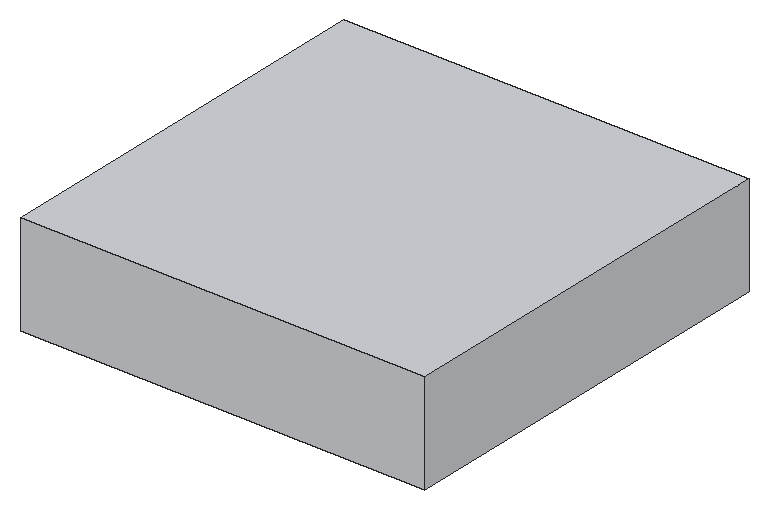
Revit family "2016LBeacon", category Lighting Fixtures, Revit 2017
Family settings
  Round Connector Dimension = Use Diameter
  Part Type = Normal
  OmniClass Number = 23.80.70.00
  OmniClass Title = Lighting
  Work Plane-Based = No
  Always vertical = Yes
  Cut with Voids When Loaded = No
  Light Source = Yes
  Shared = No
  Room Calculation Point = No
Parameters (values of type "60Degree")
  Wattage = 12.1178 W
  built-in parameter 1150110 = 1 (stored number, unit not read)
  built-in parameter 1114217 = 1 (stored number, unit not read)
  built-in parameter 1150109 = 1 (stored number, unit not read)
  built-in parameter 1150134 = (empty or 0)
  built-in parameter 1150113 = 1 (stored number, unit not read)
  Returns_Loss = "-10dB at 50 Ohms"
  Polarization = "Linear (Vertical & Horizontal)"
  Peak_Gain = "around 8 dBi"
  NodeType [instance] = ""
  Neighbor [instance] = ""
  Lumens = 1800 lm
  built-in parameter 1010506 = 1.00° * [3db_Beamwidths]  # 1.0472 (stored number, unit not read)
  built-in parameter 1010507 = 1.00° * [3db_Beamwidths]  # 1.0472 (stored number, unit not read)
  Tilt Angle = 90.00°
  built-in parameter 1150115 = 1 (stored number, unit not read)
  built-in parameter 1150105 = 6018.4 (stored number, unit not read)
  Longitude = ""
  Light Source Symbol Length = 304.8 cm
  built-in parameter 1150137 = (empty or 0)
  built-in parameter 1150139 = (empty or 0)
  Latitude = ""
  built-in parameter 1150112 = 1 (stored number, unit not read)
  built-in parameter 1150114 = 1 (stored number, unit not read)
  built-in parameter 1150132 = 2
  built-in parameter 1150102 = (empty or 0)
  built-in parameter 1150138 = (empty or 0)
  built-in parameter 1150107 = 3000 (stored number, unit not read)
  built-in parameter 1150106 = 60.184 (stored number, unit not read)
  GUID = ""
  Frequency_Coverage = "2.4GHz ISM band"
  Emergency_Instructions = ""
  built-in parameter 1150104 = 13.8 (stored number, unit not read)
  Dimming Lamp Color Temperature Shift = <None>
  Connector = "SMA-Male"
  Color Filter = 16777215
  Cable = "1.37mm diameter with 150mm length"
  built-in parameter 1114218 = 1 (stored number, unit not read)
  built-in parameter 1150133 = 10 (stored number, unit not read)
  Antenna_Type = "Two port square patch directional antenna pair"
  3db_Beamwidths = 60
Types (2, lengths in cm): name | built-in parameter 1010506 | built-in parameter 1010507 | 3db_Beamwidths
  60Degree | 1.0472 (stored number, unit not read) | 1.0472 (stored number, unit not read) | 60
  30Degree | 0.5236 (stored number, unit not read) | 0.5236 (stored number, unit not read) | 30
Reference planes (cm)
  plane 1 "Tilt Plane": y = 0
  plane 2: z = 0
  plane 3 "Light Source Axis (L/R)": x = 0
  plane 4 "Light Source Elevation": z = 0
Forms (cm)
  Extrusion 1, solid
    sketch origin (9.126, 8.7835, 0) x (1, 0, 0) y (0, 1, 0)
      loop
        line (-19.126, 1.2165) -> (-19.126, -18.7835) -> (0.874, -18.7835) -> (0.874, 1.2165) -> (-19.126, 1.2165)
    from 0 to 5
Text (cm)
  text "0 Tilt Angle" at (80.9978, -457.2, 158.6413), in view "Front"
  text "270" at (-33.1585, -457.2, 248.8248), in view "Front"
  text "180" at (-113.068, -457.2, 158.6413), in view "Front"
  text "90" at (-32.0169, -457.2, 45.6265), in view "Front"
  text "0 Tilt Angle" at (195.2354, 457.2, 154.298), in view "Back"
  text "180" at (-87.6627, 457.2, 152.4796), in view "Back"
  text "270" at (36.7014, 457.2, 269.8908), in view "Back"
  text "90" at (30.4215, 457.2, 66.6926), in view "Back"
Dimensions and locks (cm)
  aligned and locked: imposter light to plane 3 "Light Source Axis (L/R)"
  aligned and locked: plane 1 "Tilt Plane" to imposter light
  aligned and locked: plane 4 "Light Source Elevation" to imposter light
  aligned and locked: plane 2 to level
